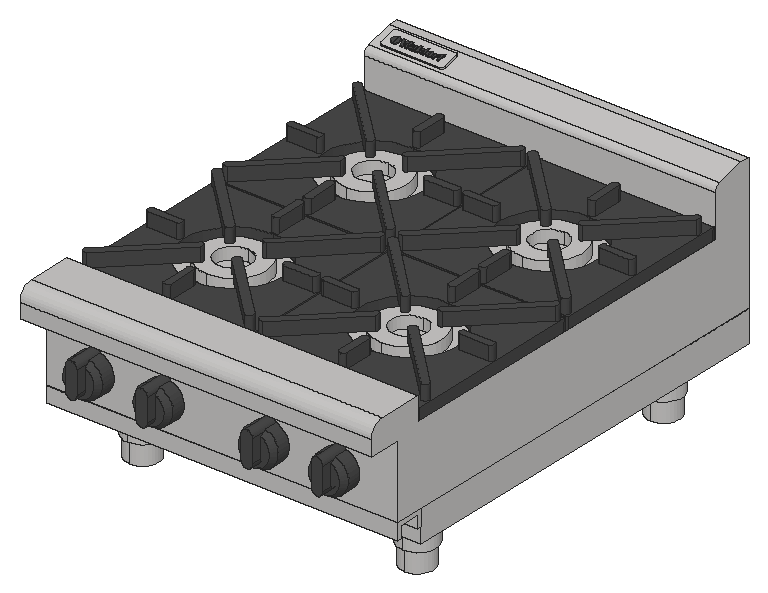
Revit family "QF_MOFFAT WALDORF_RNL8400G-B", category Specialty Equipment, Revit 2012
Parameters
  Weight in Pounds = 176.3696
  URL Cutsheet = "www.moffat.com"
  URL = "www.moffat.com"
  Type Mark [instance] = ""
  Status [instance] = ""
  Specification by User [instance] = ""
  Specification by Manufacturer = ""
  Show Logo [instance] = yes
  Serial Number = ""
  Seismic Rating = ""
  SMACNA No = ""
  Revision Code [instance] = ""
  Omniclass Number and Title = ""
  NAFEM Spec ID Number = ""
  Model = "RNL8400G-B"
  Mechanical Remarks [instance] = ""
  Mechanical Connection Type [instance] = ""
  Masterspec = ""
  Manufacturer = "MOFFAT WALDORF"
  Item Number [instance] = ""
  Installed By [instance] = ""
  Identify Quantity as Lot [instance] = yes
  Gas Size = 3/4"
  Gas RI Height [instance] = 0 mm
  Gas KW [instance] = 31
  Gas Input [instance] = 106156.0 Btu/h
  Gas Connection Height = 0 mm
  Furnished By [instance] = ""
  Foodservice Equipment Identifier [instance] = yes
  Description = "COOK TOP LOW SPLASHBACK GAS BENCH MOUNT"
  CSI MasterFormat = ""
  CSI Master Format = ""
Reference planes
  plane 1 "BACK": y = 0
  plane 2: z = 0
  plane 3 "LEFT": x = 0
  plane 4 "RIGHT": x = 600
  plane 5 "FRONT": y = -805
  plane 6 "TOP": z = 370
  plane 7 "Center Y": x = 300
  plane 8 "Center X": y = -402.5
  plane 9: x = 65
  plane 10: x = 65.8
  plane 11: x = 535
  plane 12 "Base Height": z = 85
Forms (mm)
  Extrusion 1, solid, material "QF_Finishes_Stainless Steel"
    sketch origin (0, 0, 0) x (0, 1, 0) y (0, 0, 1)
      loop
        line (-805, 291) -> (-805, 266) -> (-749, 266) -> (-749, 140) -> (0, 140) -> (0, 370) -> (-16.5, 370) -> (-61.106, 358.048)
        arc (-61.106, 358.048) -> (-67.52, 353.762) -> (-70, 346.457) r 12
        line (-70, 346.457) -> (-70, 275) -> (-705, 275) -> (-705, 315) -> (-781, 315)
        arc (-781, 315) -> (-797.971, 307.971) -> (-805, 291) r 24
      loop
        line (0, 85) -> (0, 139.206) -> (-699, 139.206) -> (-699, 85) -> (0, 85)
      loop
        line (-749, 139.206) -> (-749, 112.019) -> (-742.6, 112.019) -> (-742.6, 132.806) -> (-706.4, 132.806) -> (-706.4, 112.019) -> (-700, 112.019) -> (-700, 139.206) -> (-749, 139.206)
    from 0 to 600
  Revolve 2, solid, material "QF_Finishes_Stainless Steel"
    sketch origin (535, -210, 0) x (0, 1, 0) y (0, 0, -1)
      loop
        line (78.25, -85) -> (110, -85) -> (110, 0) -> (82.5, 0) -> (82.5, -35) -> (78.25, -35) -> (78.25, -85)
      axis (110, -85) -> (110, 0)
    angle from 0 to 360
  Revolve 3, solid, material "QF_Finishes_Stainless Steel"
    sketch origin (65, -210, 0) x (0, 1, 0) y (0, 0, 1)
      loop
        line (78.25, 85) -> (78.25, 35) -> (82.5, 35) -> (82.5, 0) -> (110, 0) -> (110, 85) -> (78.25, 85)
      axis (110, 85) -> (110, 0)
    angle from 0 to 360
  Revolve 4, solid, material "QF_Finishes_Black"
    sketch origin (210, 0, 0) x (0, -1, 0) y (0, 0, 1)
      loop
        line (782, 229.605) -> (759, 229.605) -> (759, 202.105) -> (749, 202.105) -> (749, 197.105) -> (793, 197.105) -> (793, 223.757) -> (782, 229.605)
      axis (793, 197.105) -> (749, 197.105)
    angle from 0 to 360
  Extrusion 5, solid, material "QF_Finishes_Black"
    sketch origin (71.569, 0, -103.997) x (1, 0, 0) y (0, 0, 1)
      loop
        line (148.431, 289) -> (148.431, 327.997)
        arc (148.431, 327.997) -> (138.431, 337.997) -> (128.431, 327.997) r 10
        line (128.431, 327.997) -> (128.431, 289)
        arc (128.431, 289) -> (138.431, 279) -> (148.431, 289) r 10
    from 759 to 808
  Extrusion 6, solid, material "QF_Finishes_Stainless Steel"
    sketch origin (405.687, 3, -500) x (1, 0, 0) y (0, 1, 0)
      loop
        circle (65, -35) r 13.5
    from 555 to 585
  Revolve 7, solid, material "QF_Finishes_Black"
    sketch origin (89.999, 0, -0.127) x (0, 1, 0) y (0, 0, -1)
      loop
        line (-782, -229.5) -> (-759, -229.5) -> (-759, -202) -> (-749, -202) -> (-749, -197) -> (-793, -197) -> (-793, -223.651) -> (-782, -229.5)
      axis (-793, -197) -> (-749, -197)
    angle from 0 to 360
  Extrusion 8, solid, material "QF_Finishes_Black"
    sketch origin (228.269, 0, 0.031) x (-1, 0, 0) y (0, 0, -1)
      loop
        arc (148.269, -184.969) -> (138.269, -174.969) -> (128.269, -184.969) r 10
        line (128.269, -184.969) -> (128.269, -223.969)
        arc (128.269, -223.969) -> (138.269, -233.969) -> (148.269, -223.969) r 10
        line (148.269, -223.969) -> (148.269, -184.969)
    from 759 to 808
  Extrusion 9, solid, material "QF_Finishes_Black"
    sketch origin (0, -70, 275) x (0, -1, 0) y (1, 0, 0)
      loop
        line (316, 4) -> (316, 296)
        arc (316, 296) -> (315.121, 298.121) -> (313, 299) r 3
        line (313, 299) -> (4, 299)
        arc (4, 299) -> (1.879, 298.121) -> (1, 296) r 3
        line (1, 296) -> (1, 4)
        arc (1, 4) -> (1.879, 1.879) -> (4, 1) r 3
        line (4, 1) -> (313, 1)
        arc (313, 1) -> (315.121, 1.879) -> (316, 4) r 3
      loop
        arc (316, 596) -> (315.121, 598.121) -> (313, 599) r 3
        line (313, 599) -> (4, 599)
        arc (4, 599) -> (1.879, 598.121) -> (1, 596) r 3
        line (1, 596) -> (1, 304)
        arc (1, 304) -> (1.879, 301.879) -> (4, 301) r 3
        line (4, 301) -> (313, 301)
        arc (313, 301) -> (315.121, 301.879) -> (316, 304) r 3
        line (316, 304) -> (316, 596)
      loop
        line (322, 1) -> (631, 1)
        arc (631, 1) -> (633.121, 1.879) -> (634, 4) r 3
        line (634, 4) -> (634, 296)
        arc (634, 296) -> (633.121, 298.121) -> (631, 299) r 3
        line (631, 299) -> (322, 299)
        arc (322, 299) -> (319.879, 298.121) -> (319, 296) r 3
        line (319, 296) -> (319, 4)
        arc (319, 4) -> (319.879, 1.879) -> (322, 1) r 3
      loop
        line (319, 596) -> (319, 304)
        arc (319, 304) -> (319.879, 301.879) -> (322, 301) r 3
        line (322, 301) -> (631, 301)
        arc (631, 301) -> (633.121, 301.879) -> (634, 304) r 3
        line (634, 304) -> (634, 596)
        arc (634, 596) -> (633.121, 598.121) -> (631, 599) r 3
        line (631, 599) -> (322, 599)
        arc (322, 599) -> (319.879, 598.121) -> (319, 596) r 3
      loop
        circle (167.5, 150) r 84.082
      loop
        circle (467.5, 150) r 84.082
      loop
        circle (467.5, 450) r 84.082
      loop
        circle (167.5, 450) r 84.082
    from 0 to 19.5
  Extrusion 10, solid, material "QF_Finishes_Black"
    sketch origin (0, -70, 294.5) x (0, -1, 0) y (1, 0, 0)
      loop
        spline (323.602, 15.153) -> (322.681, 13.924) -> (322.131, 12.47) -> (321.99, 10.89) -> (322.267, 9.292) -> (322.943, 7.786) -> (323.973, 6.473) -> (325.286, 5.443) -> (326.792, 4.767) -> (328.39, 4.49) -> (329.97, 4.631) -> (331.424, 5.181) -> (332.653, 6.102)
        line (332.653, 6.102) -> (440.576, 114.025)
        spline (440.576, 114.025) -> (441.337, 115.095) -> (441.738, 116.399) -> (441.751, 117.851) -> (441.375, 119.35) -> (440.637, 120.795) -> (439.586, 122.086) -> (438.295, 123.137) -> (436.85, 123.875) -> (435.351, 124.251) -> (433.899, 124.238) -> (432.595, 123.837) -> (431.525, 123.076)
        line (431.525, 123.076) -> (323.602, 15.153)
      loop
        spline (326.398, 156.4) -> (325.104, 156.182) -> (323.898, 155.543) -> (322.862, 154.525) -> (322.068, 153.2) -> (321.568, 151.656) -> (321.398, 150) -> (321.568, 148.344) -> (322.068, 146.8) -> (322.862, 145.475) -> (323.898, 144.457) -> (325.104, 143.818) -> (326.398, 143.6)
        line (326.398, 143.6) -> (375.602, 143.6)
        spline (375.602, 143.6) -> (376.896, 143.818) -> (378.102, 144.457) -> (379.138, 145.475) -> (379.932, 146.8) -> (380.432, 148.344) -> (380.602, 150) -> (380.432, 151.656) -> (379.932, 153.2) -> (379.138, 154.525) -> (378.102, 155.543) -> (376.896, 156.182) -> (375.602, 156.4)
        line (375.602, 156.4) -> (326.398, 156.4)
      loop
        spline (608.602, 143.6) -> (609.896, 143.818) -> (611.102, 144.457) -> (612.138, 145.475) -> (612.932, 146.8) -> (613.432, 148.344) -> (613.602, 150) -> (613.432, 151.656) -> (612.932, 153.2) -> (612.138, 154.525) -> (611.102, 155.543) -> (609.896, 156.182) -> (608.602, 156.4)
        line (608.602, 156.4) -> (559.398, 156.4)
        spline (559.398, 156.4) -> (558.104, 156.182) -> (556.898, 155.543) -> (555.862, 154.525) -> (555.068, 153.2) -> (554.568, 151.656) -> (554.398, 150) -> (554.568, 148.344) -> (555.068, 146.8) -> (555.862, 145.475) -> (556.898, 144.457) -> (558.104, 143.818) -> (559.398, 143.6)
        line (559.398, 143.6) -> (608.602, 143.6)
      loop
        line (611.398, 15.153) -> (503.475, 123.076)
        spline (503.475, 123.076) -> (502.405, 123.837) -> (501.101, 124.238) -> (499.649, 124.251) -> (498.15, 123.875) -> (496.705, 123.137) -> (495.414, 122.086) -> (494.363, 120.795) -> (493.625, 119.35) -> (493.249, 117.851) -> (493.262, 116.399) -> (493.663, 115.095) -> (494.424, 114.025)
        line (494.424, 114.025) -> (602.347, 6.102)
        spline (602.347, 6.102) -> (603.416, 5.341) -> (604.721, 4.941) -> (606.172, 4.928) -> (607.671, 5.303) -> (609.116, 6.041) -> (610.408, 7.092) -> (611.459, 8.384) -> (612.197, 9.829) -> (612.572, 11.328) -> (612.559, 12.779) -> (612.159, 14.084) -> (611.398, 15.153)
      loop
        line (473.9, 8.898) -> (473.9, 58.102)
        spline (473.9, 58.102) -> (473.682, 59.396) -> (473.043, 60.602) -> (472.025, 61.638) -> (470.7, 62.432) -> (469.156, 62.932) -> (467.5, 63.102) -> (465.844, 62.932) -> (464.3, 62.432) -> (462.975, 61.638) -> (461.957, 60.602) -> (461.318, 59.396) -> (461.1, 58.102)
        line (461.1, 58.102) -> (461.1, 8.898)
        spline (461.1, 8.898) -> (461.318, 7.604) -> (461.957, 6.398) -> (462.975, 5.362) -> (464.3, 4.568) -> (465.844, 4.068) -> (467.5, 3.898) -> (469.156, 4.068) -> (470.7, 4.568) -> (472.025, 5.362) -> (473.043, 6.398) -> (473.682, 7.604) -> (473.9, 8.898)
      loop
        spline (23.602, 15.153) -> (22.681, 13.924) -> (22.131, 12.47) -> (21.99, 10.89) -> (22.267, 9.292) -> (22.943, 7.786) -> (23.973, 6.473) -> (25.286, 5.443) -> (26.792, 4.767) -> (28.39, 4.49) -> (29.97, 4.631) -> (31.424, 5.181) -> (32.653, 6.102)
        line (32.653, 6.102) -> (140.576, 114.025)
        spline (140.576, 114.025) -> (141.337, 115.095) -> (141.738, 116.399) -> (141.751, 117.851) -> (141.375, 119.35) -> (140.637, 120.795) -> (139.586, 122.086) -> (138.295, 123.137) -> (136.85, 123.875) -> (135.351, 124.251) -> (133.899, 124.238) -> (132.595, 123.837) -> (131.525, 123.076)
        line (131.525, 123.076) -> (23.602, 15.153)
      loop
        spline (26.398, 156.4) -> (25.104, 156.182) -> (23.898, 155.543) -> (22.862, 154.525) -> (22.068, 153.2) -> (21.568, 151.656) -> (21.398, 150) -> (21.568, 148.344) -> (22.068, 146.8) -> (22.862, 145.475) -> (23.898, 144.457) -> (25.104, 143.818) -> (26.398, 143.6)
        line (26.398, 143.6) -> (75.602, 143.6)
        spline (75.602, 143.6) -> (76.896, 143.818) -> (78.102, 144.457) -> (79.138, 145.475) -> (79.932, 146.8) -> (80.432, 148.344) -> (80.602, 150) -> (80.432, 151.656) -> (79.932, 153.2) -> (79.138, 154.525) -> (78.102, 155.543) -> (76.896, 156.182) -> (75.602, 156.4)
        line (75.602, 156.4) -> (26.398, 156.4)
      loop
        spline (308.602, 143.6) -> (309.896, 143.818) -> (311.102, 144.457) -> (312.138, 145.475) -> (312.932, 146.8) -> (313.432, 148.344) -> (313.602, 150) -> (313.432, 151.656) -> (312.932, 153.2) -> (312.138, 154.525) -> (311.102, 155.543) -> (309.896, 156.182) -> (308.602, 156.4)
        line (308.602, 156.4) -> (259.398, 156.4)
        spline (259.398, 156.4) -> (258.104, 156.182) -> (256.898, 155.543) -> (255.862, 154.525) -> (255.068, 153.2) -> (254.568, 151.656) -> (254.398, 150) -> (254.568, 148.344) -> (255.068, 146.8) -> (255.862, 145.475) -> (256.898, 144.457) -> (258.104, 143.818) -> (259.398, 143.6)
        line (259.398, 143.6) -> (308.602, 143.6)
      loop
        line (311.398, 15.153) -> (203.475, 123.076)
        spline (203.475, 123.076) -> (202.405, 123.837) -> (201.101, 124.238) -> (199.649, 124.251) -> (198.15, 123.875) -> (196.705, 123.137) -> (195.414, 122.086) -> (194.363, 120.795) -> (193.625, 119.35) -> (193.249, 117.851) -> (193.262, 116.399) -> (193.663, 115.095) -> (194.424, 114.025)
        line (194.424, 114.025) -> (302.347, 6.102)
        spline (302.347, 6.102) -> (303.416, 5.341) -> (304.721, 4.941) -> (306.172, 4.928) -> (307.671, 5.303) -> (309.116, 6.041) -> (310.408, 7.092) -> (311.459, 8.384) -> (312.197, 9.829) -> (312.572, 11.328) -> (312.559, 12.779) -> (312.159, 14.084) -> (311.398, 15.153)
      loop
        line (173.9, 8.898) -> (173.9, 58.102)
        spline (173.9, 58.102) -> (173.682, 59.396) -> (173.043, 60.602) -> (172.025, 61.638) -> (170.7, 62.432) -> (169.156, 62.932) -> (167.5, 63.102) -> (165.844, 62.932) -> (164.3, 62.432) -> (162.975, 61.638) -> (161.957, 60.602) -> (161.318, 59.396) -> (161.1, 58.102)
        line (161.1, 58.102) -> (161.1, 8.898)
        spline (161.1, 8.898) -> (161.318, 7.604) -> (161.957, 6.398) -> (162.975, 5.362) -> (164.3, 4.568) -> (165.844, 4.068) -> (167.5, 3.898) -> (169.156, 4.068) -> (170.7, 4.568) -> (172.025, 5.362) -> (173.043, 6.398) -> (173.682, 7.604) -> (173.9, 8.898)
      loop
        line (323.602, 284.847) -> (431.525, 176.924)
        spline (431.525, 176.924) -> (432.595, 176.163) -> (433.899, 175.762) -> (435.351, 175.749) -> (436.85, 176.125) -> (438.295, 176.863) -> (439.586, 177.914) -> (440.637, 179.205) -> (441.375, 180.65) -> (441.751, 182.149) -> (441.738, 183.601) -> (441.337, 184.905) -> (440.576, 185.975)
        line (440.576, 185.975) -> (332.653, 293.898)
        spline (332.653, 293.898) -> (331.424, 294.819) -> (329.97, 295.369) -> (328.39, 295.51) -> (326.792, 295.233) -> (325.286, 294.557) -> (323.973, 293.527) -> (322.943, 292.214) -> (322.267, 290.708) -> (321.99, 289.11) -> (322.131, 287.53) -> (322.681, 286.076) -> (323.602, 284.847)
      loop
        spline (611.398, 284.847) -> (612.159, 285.916) -> (612.559, 287.221) -> (612.572, 288.672) -> (612.197, 290.171) -> (611.459, 291.616) -> (610.408, 292.908) -> (609.116, 293.959) -> (607.671, 294.697) -> (606.172, 295.072) -> (604.721, 295.059) -> (603.416, 294.659) -> (602.347, 293.898)
        line (602.347, 293.898) -> (494.424, 185.975)
        spline (494.424, 185.975) -> (493.663, 184.905) -> (493.262, 183.601) -> (493.249, 182.149) -> (493.625, 180.65) -> (494.363, 179.205) -> (495.414, 177.914) -> (496.705, 176.863) -> (498.15, 176.125) -> (499.649, 175.749) -> (501.101, 175.762) -> (502.405, 176.163) -> (503.475, 176.924)
        line (503.475, 176.924) -> (611.398, 284.847)
      loop
        spline (473.9, 291.102) -> (473.682, 292.396) -> (473.043, 293.602) -> (472.025, 294.638) -> (470.7, 295.432) -> (469.156, 295.932) -> (467.5, 296.102) -> (465.844, 295.932) -> (464.3, 295.432) -> (462.975, 294.638) -> (461.957, 293.602) -> (461.318, 292.396) -> (461.1, 291.102)
        line (461.1, 291.102) -> (461.1, 241.898)
        spline (461.1, 241.898) -> (461.318, 240.604) -> (461.957, 239.398) -> (462.975, 238.362) -> (464.3, 237.568) -> (465.844, 237.068) -> (467.5, 236.898) -> (469.156, 237.068) -> (470.7, 237.568) -> (472.025, 238.362) -> (473.043, 239.398) -> (473.682, 240.604) -> (473.9, 241.898)
        line (473.9, 241.898) -> (473.9, 291.102)
      loop
        line (23.602, 284.847) -> (131.525, 176.924)
        spline (131.525, 176.924) -> (132.595, 176.163) -> (133.899, 175.762) -> (135.351, 175.749) -> (136.85, 176.125) -> (138.295, 176.863) -> (139.586, 177.914) -> (140.637, 179.205) -> (141.375, 180.65) -> (141.751, 182.149) -> (141.738, 183.601) -> (141.337, 184.905) -> (140.576, 185.975)
        line (140.576, 185.975) -> (32.653, 293.898)
        spline (32.653, 293.898) -> (31.424, 294.819) -> (29.97, 295.369) -> (28.39, 295.51) -> (26.792, 295.233) -> (25.286, 294.557) -> (23.973, 293.527) -> (22.943, 292.214) -> (22.267, 290.708) -> (21.99, 289.11) -> (22.131, 287.53) -> (22.681, 286.076) -> (23.602, 284.847)
      loop
        spline (311.398, 284.847) -> (312.159, 285.916) -> (312.559, 287.221) -> (312.572, 288.672) -> (312.197, 290.171) -> (311.459, 291.616) -> (310.408, 292.908) -> (309.116, 293.959) -> (307.671, 294.697) -> (306.172, 295.072) -> (304.721, 295.059) -> (303.416, 294.659) -> (302.347, 293.898)
        line (302.347, 293.898) -> (194.424, 185.975)
        spline (194.424, 185.975) -> (193.663, 184.905) -> (193.262, 183.601) -> (193.249, 182.149) -> (193.625, 180.65) -> (194.363, 179.205) -> (195.414, 177.914) -> (196.705, 176.863) -> (198.15, 176.125) -> (199.649, 175.749) -> (201.101, 175.762) -> (202.405, 176.163) -> (203.475, 176.924)
        line (203.475, 176.924) -> (311.398, 284.847)
      loop
        spline (173.9, 291.102) -> (173.682, 292.396) -> (173.043, 293.602) -> (172.025, 294.638) -> (170.7, 295.432) -> (169.156, 295.932) -> (167.5, 296.102) -> (165.844, 295.932) -> (164.3, 295.432) -> (162.975, 294.638) -> (161.957, 293.602) -> (161.318, 292.396) -> (161.1, 291.102)
        line (161.1, 291.102) -> (161.1, 241.898)
        spline (161.1, 241.898) -> (161.318, 240.604) -> (161.957, 239.398) -> (162.975, 238.362) -> (164.3, 237.568) -> (165.844, 237.068) -> (167.5, 236.898) -> (169.156, 237.068) -> (170.7, 237.568) -> (172.025, 238.362) -> (173.043, 239.398) -> (173.682, 240.604) -> (173.9, 241.898)
        line (173.9, 241.898) -> (173.9, 291.102)
      loop
        line (323.602, 584.847) -> (431.525, 476.924)
        spline (431.525, 476.924) -> (432.595, 476.163) -> (433.899, 475.762) -> (435.351, 475.749) -> (436.85, 476.125) -> (438.295, 476.863) -> (439.586, 477.914) -> (440.637, 479.205) -> (441.375, 480.65) -> (441.751, 482.149) -> (441.738, 483.601) -> (441.337, 484.905) -> (440.576, 485.975)
        line (440.576, 485.975) -> (332.653, 593.898)
        spline (332.653, 593.898) -> (331.424, 594.819) -> (329.97, 595.369) -> (328.39, 595.51) -> (326.792, 595.233) -> (325.286, 594.557) -> (323.973, 593.527) -> (322.943, 592.214) -> (322.267, 590.708) -> (321.99, 589.11) -> (322.131, 587.53) -> (322.681, 586.076) -> (323.602, 584.847)
      loop
        line (326.398, 443.6) -> (375.602, 443.6)
        spline (375.602, 443.6) -> (376.896, 443.818) -> (378.102, 444.457) -> (379.138, 445.475) -> (379.932, 446.8) -> (380.432, 448.344) -> (380.602, 450) -> (380.432, 451.656) -> (379.932, 453.2) -> (379.138, 454.525) -> (378.102, 455.543) -> (376.896, 456.182) -> (375.602, 456.4)
        line (375.602, 456.4) -> (326.398, 456.4)
        spline (326.398, 456.4) -> (325.104, 456.182) -> (323.898, 455.543) -> (322.862, 454.525) -> (322.068, 453.2) -> (321.568, 451.656) -> (321.398, 450) -> (321.568, 448.344) -> (322.068, 446.8) -> (322.862, 445.475) -> (323.898, 444.457) -> (325.104, 443.818) -> (326.398, 443.6)
      loop
        line (608.602, 456.4) -> (559.398, 456.4)
        spline (559.398, 456.4) -> (558.104, 456.182) -> (556.898, 455.543) -> (555.862, 454.525) -> (555.068, 453.2) -> (554.568, 451.656) -> (554.398, 450) -> (554.568, 448.344) -> (555.068, 446.8) -> (555.862, 445.475) -> (556.898, 444.457) -> (558.104, 443.818) -> (559.398, 443.6)
        line (559.398, 443.6) -> (608.602, 443.6)
        spline (608.602, 443.6) -> (609.896, 443.818) -> (611.102, 444.457) -> (612.138, 445.475) -> (612.932, 446.8) -> (613.432, 448.344) -> (613.602, 450) -> (613.432, 451.656) -> (612.932, 453.2) -> (612.138, 454.525) -> (611.102, 455.543) -> (609.896, 456.182) -> (608.602, 456.4)
      loop
        spline (611.398, 584.847) -> (612.159, 585.916) -> (612.559, 587.221) -> (612.572, 588.672) -> (612.197, 590.171) -> (611.459, 591.616) -> (610.408, 592.908) -> (609.116, 593.959) -> (607.671, 594.697) -> (606.172, 595.072) -> (604.721, 595.059) -> (603.416, 594.659) -> (602.347, 593.898)
        line (602.347, 593.898) -> (494.424, 485.975)
        spline (494.424, 485.975) -> (493.663, 484.905) -> (493.262, 483.601) -> (493.249, 482.149) -> (493.625, 480.65) -> (494.363, 479.205) -> (495.414, 477.914) -> (496.705, 476.863) -> (498.15, 476.125) -> (499.649, 475.749) -> (501.101, 475.762) -> (502.405, 476.163) -> (503.475, 476.924)
        line (503.475, 476.924) -> (611.398, 584.847)
      loop
        spline (473.9, 591.102) -> (473.682, 592.396) -> (473.043, 593.602) -> (472.025, 594.638) -> (470.7, 595.432) -> (469.156, 595.932) -> (467.5, 596.102) -> (465.844, 595.932) -> (464.3, 595.432) -> (462.975, 594.638) -> (461.957, 593.602) -> (461.318, 592.396) -> (461.1, 591.102)
        line (461.1, 591.102) -> (461.1, 541.898)
        spline (461.1, 541.898) -> (461.318, 540.604) -> (461.957, 539.398) -> (462.975, 538.362) -> (464.3, 537.568) -> (465.844, 537.068) -> (467.5, 536.898) -> (469.156, 537.068) -> (470.7, 537.568) -> (472.025, 538.362) -> (473.043, 539.398) -> (473.682, 540.604) -> (473.9, 541.898)
        line (473.9, 541.898) -> (473.9, 591.102)
      loop
        line (23.602, 584.847) -> (131.525, 476.924)
        spline (131.525, 476.924) -> (132.595, 476.163) -> (133.899, 475.762) -> (135.351, 475.749) -> (136.85, 476.125) -> (138.295, 476.863) -> (139.586, 477.914) -> (140.637, 479.205) -> (141.375, 480.65) -> (141.751, 482.149) -> (141.738, 483.601) -> (141.337, 484.905) -> (140.576, 485.975)
        line (140.576, 485.975) -> (32.653, 593.898)
        spline (32.653, 593.898) -> (31.424, 594.819) -> (29.97, 595.369) -> (28.39, 595.51) -> (26.792, 595.233) -> (25.286, 594.557) -> (23.973, 593.527) -> (22.943, 592.214) -> (22.267, 590.708) -> (21.99, 589.11) -> (22.131, 587.53) -> (22.681, 586.076) -> (23.602, 584.847)
      loop
        line (26.398, 443.6) -> (75.602, 443.6)
        spline (75.602, 443.6) -> (76.896, 443.818) -> (78.102, 444.457) -> (79.138, 445.475) -> (79.932, 446.8) -> (80.432, 448.344) -> (80.602, 450) -> (80.432, 451.656) -> (79.932, 453.2) -> (79.138, 454.525) -> (78.102, 455.543) -> (76.896, 456.182) -> (75.602, 456.4)
        line (75.602, 456.4) -> (26.398, 456.4)
        spline (26.398, 456.4) -> (25.104, 456.182) -> (23.898, 455.543) -> (22.862, 454.525) -> (22.068, 453.2) -> (21.568, 451.656) -> (21.398, 450) -> (21.568, 448.344) -> (22.068, 446.8) -> (22.862, 445.475) -> (23.898, 444.457) -> (25.104, 443.818) -> (26.398, 443.6)
      loop
        line (308.602, 456.4) -> (259.398, 456.4)
        spline (259.398, 456.4) -> (258.104, 456.182) -> (256.898, 455.543) -> (255.862, 454.525) -> (255.068, 453.2) -> (254.568, 451.656) -> (254.398, 450) -> (254.568, 448.344) -> (255.068, 446.8) -> (255.862, 445.475) -> (256.898, 444.457) -> (258.104, 443.818) -> (259.398, 443.6)
        line (259.398, 443.6) -> (308.602, 443.6)
        spline (308.602, 443.6) -> (309.896, 443.818) -> (311.102, 444.457) -> (312.138, 445.475) -> (312.932, 446.8) -> (313.432, 448.344) -> (313.602, 450) -> (313.432, 451.656) -> (312.932, 453.2) -> (312.138, 454.525) -> (311.102, 455.543) -> (309.896, 456.182) -> (308.602, 456.4)
      loop
        spline (311.398, 584.847) -> (312.159, 585.916) -> (312.559, 587.221) -> (312.572, 588.672) -> (312.197, 590.171) -> (311.459, 591.616) -> (310.408, 592.908) -> (309.116, 593.959) -> (307.671, 594.697) -> (306.172, 595.072) -> (304.721, 595.059) -> (303.416, 594.659) -> (302.347, 593.898)
        line (302.347, 593.898) -> (194.424, 485.975)
        spline (194.424, 485.975) -> (193.663, 484.905) -> (193.262, 483.601) -> (193.249, 482.149) -> (193.625, 480.65) -> (194.363, 479.205) -> (195.414, 477.914) -> (196.705, 476.863) -> (198.15, 476.125) -> (199.649, 475.749) -> (201.101, 475.762) -> (202.405, 476.163) -> (203.475, 476.924)
        line (203.475, 476.924) -> (311.398, 584.847)
      loop
        spline (173.9, 591.102) -> (173.682, 592.396) -> (173.043, 593.602) -> (172.025, 594.638) -> (170.7, 595.432) -> (169.156, 595.932) -> (167.5, 596.102) -> (165.844, 595.932) -> (164.3, 595.432) -> (162.975, 594.638) -> (161.957, 593.602) -> (161.318, 592.396) -> (161.1, 591.102)
        line (161.1, 591.102) -> (161.1, 541.898)
        spline (161.1, 541.898) -> (161.318, 540.604) -> (161.957, 539.398) -> (162.975, 538.362) -> (164.3, 537.568) -> (165.844, 537.068) -> (167.5, 536.898) -> (169.156, 537.068) -> (170.7, 537.568) -> (172.025, 538.362) -> (173.043, 539.398) -> (173.682, 540.604) -> (173.9, 541.898)
        line (173.9, 541.898) -> (173.9, 591.102)
      loop
        spline (323.602, 315.153) -> (322.681, 313.924) -> (322.131, 312.47) -> (321.99, 310.89) -> (322.267, 309.292) -> (322.943, 307.786) -> (323.973, 306.473) -> (325.286, 305.443) -> (326.792, 304.767) -> (328.39, 304.49) -> (329.97, 304.631) -> (331.424, 305.181) -> (332.653, 306.102)
        line (332.653, 306.102) -> (440.576, 414.025)
        spline (440.576, 414.025) -> (441.337, 415.095) -> (441.738, 416.399) -> (441.751, 417.851) -> (441.375, 419.35) -> (440.637, 420.795) -> (439.586, 422.086) -> (438.295, 423.137) -> (436.85, 423.875) -> (435.351, 424.251) -> (433.899, 424.238) -> (432.595, 423.837) -> (431.525, 423.076)
        line (431.525, 423.076) -> (323.602, 315.153)
      loop
        line (611.398, 315.153) -> (503.475, 423.076)
        spline (503.475, 423.076) -> (502.405, 423.837) -> (501.101, 424.238) -> (499.649, 424.251) -> (498.15, 423.875) -> (496.705, 423.137) -> (495.414, 422.086) -> (494.363, 420.795) -> (493.625, 419.35) -> (493.249, 417.851) -> (493.262, 416.399) -> (493.663, 415.095) -> (494.424, 414.025)
        line (494.424, 414.025) -> (602.347, 306.102)
        spline (602.347, 306.102) -> (603.416, 305.341) -> (604.721, 304.941) -> (606.172, 304.928) -> (607.671, 305.303) -> (609.116, 306.041) -> (610.408, 307.092) -> (611.459, 308.384) -> (612.197, 309.829) -> (612.572, 311.328) -> (612.559, 312.779) -> (612.159, 314.084) -> (611.398, 315.153)
      loop
        line (473.9, 308.898) -> (473.9, 358.102)
        spline (473.9, 358.102) -> (473.682, 359.396) -> (473.043, 360.602) -> (472.025, 361.638) -> (470.7, 362.432) -> (469.156, 362.932) -> (467.5, 363.102) -> (465.844, 362.932) -> (464.3, 362.432) -> (462.975, 361.638) -> (461.957, 360.602) -> (461.318, 359.396) -> (461.1, 358.102)
        line (461.1, 358.102) -> (461.1, 308.898)
        spline (461.1, 308.898) -> (461.318, 307.604) -> (461.957, 306.398) -> (462.975, 305.362) -> (464.3, 304.568) -> (465.844, 304.068) -> (467.5, 303.898) -> (469.156, 304.068) -> (470.7, 304.568) -> (472.025, 305.362) -> (473.043, 306.398) -> (473.682, 307.604) -> (473.9, 308.898)
      loop
        spline (23.602, 315.153) -> (22.681, 313.924) -> (22.131, 312.47) -> (21.99, 310.89) -> (22.267, 309.292) -> (22.943, 307.786) -> (23.973, 306.473) -> (25.286, 305.443) -> (26.792, 304.767) -> (28.39, 304.49) -> (29.97, 304.631) -> (31.424, 305.181) -> (32.653, 306.102)
        line (32.653, 306.102) -> (140.576, 414.025)
        spline (140.576, 414.025) -> (141.337, 415.095) -> (141.738, 416.399) -> (141.751, 417.851) -> (141.375, 419.35) -> (140.637, 420.795) -> (139.586, 422.086) -> (138.295, 423.137) -> (136.85, 423.875) -> (135.351, 424.251) -> (133.899, 424.238) -> (132.595, 423.837) -> (131.525, 423.076)
        line (131.525, 423.076) -> (23.602, 315.153)
      loop
        line (311.398, 315.153) -> (203.475, 423.076)
        spline (203.475, 423.076) -> (202.405, 423.837) -> (201.101, 424.238) -> (199.649, 424.251) -> (198.15, 423.875) -> (196.705, 423.137) -> (195.414, 422.086) -> (194.363, 420.795) -> (193.625, 419.35) -> (193.249, 417.851) -> (193.262, 416.399) -> (193.663, 415.095) -> (194.424, 414.025)
        line (194.424, 414.025) -> (302.347, 306.102)
        spline (302.347, 306.102) -> (303.416, 305.341) -> (304.721, 304.941) -> (306.172, 304.928) -> (307.671, 305.303) -> (309.116, 306.041) -> (310.408, 307.092) -> (311.459, 308.384) -> (312.197, 309.829) -> (312.572, 311.328) -> (312.559, 312.779) -> (312.159, 314.084) -> (311.398, 315.153)
      loop
        line (173.9, 308.898) -> (173.9, 358.102)
        spline (173.9, 358.102) -> (173.682, 359.396) -> (173.043, 360.602) -> (172.025, 361.638) -> (170.7, 362.432) -> (169.156, 362.932) -> (167.5, 363.102) -> (165.844, 362.932) -> (164.3, 362.432) -> (162.975, 361.638) -> (161.957, 360.602) -> (161.318, 359.396) -> (161.1, 358.102)
        line (161.1, 358.102) -> (161.1, 308.898)
        spline (161.1, 308.898) -> (161.318, 307.604) -> (161.957, 306.398) -> (162.975, 305.362) -> (164.3, 304.568) -> (165.844, 304.068) -> (167.5, 303.898) -> (169.156, 304.068) -> (170.7, 304.568) -> (172.025, 305.362) -> (173.043, 306.398) -> (173.682, 307.604) -> (173.9, 308.898)
    from 0 to 23.5
  Revolve 11, solid, material "QF_Finishes_Stainless Steel"
    sketch origin (535, -735, 0) x (0, 1, 0) y (0, 0, -1)
      loop
        line (78.25, -85) -> (110, -85) -> (110, 0) -> (82.5, 0) -> (82.5, -35) -> (78.25, -35) -> (78.25, -85)
      axis (110, -85) -> (110, 0)
    angle from 0 to 360
  Revolve 12, solid, material "QF_Finishes_Stainless Steel"
    sketch origin (65, -735, 0) x (0, 1, 0) y (0, 0, 1)
      loop
        line (78.25, 85) -> (78.25, 35) -> (82.5, 35) -> (82.5, 0) -> (110, 0) -> (110, 85) -> (78.25, 85)
      axis (110, 85) -> (110, 0)
    angle from 0 to 360
  Revolve 13, solid, material "QF_Finishes_Black"
    sketch origin (510, 0, 0) x (0, -1, 0) y (0, 0, 1)
      loop
        line (782, 229.605) -> (759, 229.605) -> (759, 202.105) -> (749, 202.105) -> (749, 197.105) -> (793, 197.105) -> (793, 223.757) -> (782, 229.605)
      axis (793, 197.105) -> (749, 197.105)
    angle from 0 to 360
  Extrusion 14, solid, material "QF_Finishes_Black"
    sketch origin (371.569, 0, -103.997) x (1, 0, 0) y (0, 0, 1)
      loop
        line (148.431, 289) -> (148.431, 327.997)
        arc (148.431, 327.997) -> (138.431, 337.997) -> (128.431, 327.997) r 10
        line (128.431, 327.997) -> (128.431, 289)
        arc (128.431, 289) -> (138.431, 279) -> (148.431, 289) r 10
    from 759 to 808
  Revolve 15, solid, material "QF_Finishes_Black"
    sketch origin (389.999, 0, -0.127) x (0, 1, 0) y (0, 0, -1)
      loop
        line (-782, -229.5) -> (-759, -229.5) -> (-759, -202) -> (-749, -202) -> (-749, -197) -> (-793, -197) -> (-793, -223.651) -> (-782, -229.5)
      axis (-793, -197) -> (-749, -197)
    angle from 0 to 360
  Extrusion 16, solid, material "QF_Finishes_Black"
    sketch origin (528.269, 0, 0.031) x (-1, 0, 0) y (0, 0, -1)
      loop
        arc (148.269, -184.969) -> (138.269, -174.969) -> (128.269, -184.969) r 10
        line (128.269, -184.969) -> (128.269, -223.969)
        arc (128.269, -223.969) -> (138.269, -233.969) -> (148.269, -223.969) r 10
        line (148.269, -223.969) -> (148.269, -184.969)
    from 759 to 808
  Extrusion 17, solid, material "QF_Finishes_Stainless Steel"
    sketch origin (0, -70, 275) x (0, -1, 0) y (1, 0, 0)
      loop
        circle (167.5, 150) r 57
      loop
        circle (167.5, 450) r 57
      loop
        circle (467.5, 450) r 57
      loop
        circle (467.5, 150) r 57
      loop
        circle (167.5, 150) r 30
      loop
        circle (167.5, 450) r 30
      loop
        circle (467.5, 150) r 30
      loop
        circle (467.5, 450) r 30
    from 0 to 20
Cuts and joins
  joined: Revolve 4, Extrusion 5
  joined: Revolve 7, Extrusion 8
Lines and regions (mm)
  Split face 1
    outline origin (22.5, -20.122, 369.029) x (0, -0.965926, -0.258819) y (1, 0, 0)
      loop
        line (1.427, 105.5) -> (35.836, 105.5) -> (35.836, 125.5) -> (1.427, 125.5) -> (1.427, 105.5)
  Split face 2
    outline origin (49.289, -20.122, 369.029) x (0, -0.965926, -0.258819) y (1, 0, 0)
      loop
        line (1.427, 105.5) -> (35.836, 105.5) -> (35.836, 125.5) -> (1.427, 125.5) -> (1.427, 105.5)
  Split face 3
    outline origin (76.967, -20.122, 369.029) x (0, -0.965926, -0.258819) y (1, 0, 0)
      loop
        line (1.427, 105.5) -> (35.836, 105.5) -> (35.836, 125.5) -> (1.427, 125.5) -> (1.427, 105.5)
  Split face 4
    outline origin (103.591, -20.122, 369.029) x (0, -0.965926, -0.258819) y (1, 0, 0)
      loop
        line (1.427, 105.5) -> (35.836, 105.5) -> (35.836, 125.5) -> (1.427, 125.5) -> (1.427, 105.5)
  Split face 5
    outline origin (130.215, -20.122, 369.029) x (0, -0.965926, -0.258819) y (1, 0, 0)
      loop
        line (1.427, 105.5) -> (35.836, 105.5) -> (35.836, 125.5) -> (1.427, 125.5) -> (1.427, 105.5)
  Split face 6
    outline origin (157.366, -20.122, 369.029) x (0, -0.965926, -0.258819) y (1, 0, 0)
      loop
        line (1.427, 105.5) -> (35.836, 105.5) -> (35.836, 125.5) -> (1.427, 125.5) -> (1.427, 105.5)
  Split face 7
    outline origin (184.781, -20.122, 369.029) x (0, -0.965926, -0.258819) y (1, 0, 0)
      loop
        line (1.427, 105.5) -> (35.836, 105.5) -> (35.836, 125.5) -> (1.427, 125.5) -> (1.427, 105.5)
  Split face 8
    outline origin (211.405, -20.122, 369.029) x (0, -0.965926, -0.258819) y (1, 0, 0)
      loop
        line (1.427, 105.5) -> (35.836, 105.5) -> (35.836, 125.5) -> (1.427, 125.5) -> (1.427, 105.5)
  Split face 9
    outline origin (238.292, -20.122, 369.029) x (0, -0.965926, -0.258819) y (1, 0, 0)
      loop
        line (1.427, 105.5) -> (35.836, 105.5) -> (35.836, 125.5) -> (1.427, 125.5) -> (1.427, 105.5)
  Split face 10
    outline origin (265.971, -20.122, 369.029) x (0, -0.965926, -0.258819) y (1, 0, 0)
      loop
        line (1.427, 105.5) -> (35.836, 105.5) -> (35.836, 125.5) -> (1.427, 125.5) -> (1.427, 105.5)
  Split face 11
    outline origin (292.533, -20.122, 369.029) x (0, -0.965926, -0.258819) y (1, 0, 0)
      loop
        line (1.427, 105.5) -> (35.836, 105.5) -> (35.836, 125.5) -> (1.427, 125.5) -> (1.427, 105.5)
  Split face 12
    outline origin (319.444, -20.122, 369.029) x (0, -0.965926, -0.258819) y (1, 0, 0)
      loop
        line (1.427, 105.5) -> (35.836, 105.5) -> (35.836, 125.5) -> (1.427, 125.5) -> (1.427, 105.5)
  Split face 13
    outline origin (346.271, -20.122, 369.029) x (0, -0.965926, -0.258819) y (1, 0, 0)
      loop
        line (1.427, 105.5) -> (35.836, 105.5) -> (35.836, 125.5) -> (1.427, 125.5) -> (1.427, 105.5)
  symbolic lines
    curve 1: line (0, 0, 0) -> (0, -805, 0)
    curve 2: line (600, 0, 0) -> (0, 0, 0)
    curve 3: line (600, -805, 0) -> (600, 0, 0)
    curve 4: line (0, -70, 0) -> (600, -70, 0)
    curve 5: line (0, -805, 0) -> (600, -805, 0)
    curve 10: line (600, -705, 0) -> (0, -705, 0)
    curve 11: line (8.898, -237.5, 0) -> (58.102, -237.5, 0)
    curve 12: line (10.628, -98.128, 0) -> (118.551, -206.051, 0)
    curve 13: line (289.372, -98.128, 0) -> (181.449, -206.051, 0)
    curve 14: line (291.102, -237.5, 0) -> (241.898, -237.5, 0)
    curve 15: line (289.372, -376.872, 0) -> (181.449, -268.949, 0)
    curve 16: line (150, -378.602, 0) -> (150, -329.398, 0)
    curve 17: line (10.628, -376.872, 0) -> (118.551, -268.949, 0)
    curve 18: circle (150, -237.5, 0) r 57 normal (0, 0, -1)
    curve 19: line (150, -396.398, 0) -> (150, -445.602, 0)
    curve 20: line (10.628, -398.128, 0) -> (118.551, -506.051, 0)
    curve 21: line (289.372, -398.128, 0) -> (181.449, -506.051, 0)
    curve 22: line (291.102, -537.5, 0) -> (241.898, -537.5, 0)
    curve 23: line (289.372, -676.872, 0) -> (181.449, -568.949, 0)
    curve 24: line (10.628, -676.872, 0) -> (118.551, -568.949, 0)
    curve 25: line (8.898, -537.5, 0) -> (58.102, -537.5, 0)
    curve 26: line (150, -678.602, 0) -> (150, -629.398, 0)
    curve 27: line (308.898, -537.5, 0) -> (358.102, -537.5, 0)
    curve 28: line (310.628, -398.128, 0) -> (418.551, -506.051, 0)
    curve 29: line (450, -396.398, 0) -> (450, -445.602, 0)
    curve 30: line (589.372, -398.128, 0) -> (481.449, -506.051, 0)
    curve 31: line (591.102, -537.5, 0) -> (541.898, -537.5, 0)
    curve 32: line (589.372, -676.872, 0) -> (481.449, -568.949, 0)
    curve 33: line (310.628, -676.872, 0) -> (418.551, -568.949, 0)
    curve 34: line (450, -678.602, 0) -> (450, -629.398, 0)
    curve 35: line (450, -378.602, 0) -> (450, -329.398, 0)
    curve 36: line (310.628, -376.872, 0) -> (418.551, -268.949, 0)
    curve 37: line (589.372, -376.872, 0) -> (481.449, -268.949, 0)
    curve 38: line (591.102, -237.5, 0) -> (541.898, -237.5, 0)
    curve 39: line (589.372, -98.128, 0) -> (481.449, -206.051, 0)
    curve 40: line (450, -96.398, 0) -> (450, -145.602, 0)
    curve 41: line (310.628, -98.128, 0) -> (418.551, -206.051, 0)
    curve 42: line (308.898, -237.5, 0) -> (358.102, -237.5, 0)
    curve 43: line (0, -387.5, 0) -> (600, -387.5, 0)
    curve 44: line (300, -70, 0) -> (300, -705, 0)
    curve 45: line (128, -50.782, 0) -> (128, -20.984, 0)
    curve 46: line (128, -20.984, 0) -> (148, -20.984, 0)
    curve 47: line (148, -20.984, 0) -> (148, -50.782, 0)
    curve 48: line (148, -50.782, 0) -> (128, -50.782, 0)
    curve 49: line (154.789, -50.782, 0) -> (154.789, -20.984, 0)
    curve 50: line (154.789, -20.984, 0) -> (174.789, -20.984, 0)
    curve 51: line (174.789, -20.984, 0) -> (174.789, -50.782, 0)
    curve 52: line (174.789, -50.782, 0) -> (154.789, -50.782, 0)
    curve 53: line (182.467, -20.984, 0) -> (202.467, -20.984, 0)
    curve 54: line (202.467, -20.984, 0) -> (202.467, -50.782, 0)
    curve 55: line (202.467, -50.782, 0) -> (182.467, -50.782, 0)
    curve 56: line (182.467, -50.782, 0) -> (182.467, -20.984, 0)
    curve 57: line (229.091, -20.984, 0) -> (209.091, -20.984, 0)
    curve 58: line (209.091, -20.984, 0) -> (209.091, -50.782, 0)
    curve 59: line (209.091, -50.782, 0) -> (229.091, -50.782, 0)
    curve 60: line (229.091, -50.782, 0) -> (229.091, -20.984, 0)
    curve 61: line (255.715, -20.984, 0) -> (235.715, -20.984, 0)
    curve 62: line (235.715, -20.984, 0) -> (235.715, -50.782, 0)
    curve 63: line (235.715, -50.782, 0) -> (255.715, -50.782, 0)
    curve 64: line (255.715, -50.782, 0) -> (255.715, -20.984, 0)
    curve 65: line (282.866, -20.984, 0) -> (262.866, -20.984, 0)
    curve 66: line (262.866, -20.984, 0) -> (262.866, -50.782, 0)
    curve 67: line (262.866, -50.782, 0) -> (282.866, -50.782, 0)
    curve 68: line (282.866, -50.782, 0) -> (282.866, -20.984, 0)
    curve 69: line (310.281, -20.984, 0) -> (290.281, -20.984, 0)
    curve 70: line (290.281, -20.984, 0) -> (290.281, -50.782, 0)
    curve 71: line (290.281, -50.782, 0) -> (310.281, -50.782, 0)
    curve 72: line (310.281, -50.782, 0) -> (310.281, -20.984, 0)
    curve 73: line (316.905, -20.984, 0) -> (336.905, -20.984, 0)
    curve 74: line (336.905, -20.984, 0) -> (336.905, -50.782, 0)
    curve 75: line (336.905, -50.782, 0) -> (316.905, -50.782, 0)
    curve 76: line (316.905, -50.782, 0) -> (316.905, -20.984, 0)
    curve 77: line (363.792, -20.984, 0) -> (343.792, -20.984, 0)
    curve 78: line (343.792, -20.984, 0) -> (343.792, -50.782, 0)
    curve 79: line (343.792, -50.782, 0) -> (363.792, -50.782, 0)
    curve 80: line (363.792, -50.782, 0) -> (363.792, -20.984, 0)
    curve 81: line (371.471, -50.782, 0) -> (391.471, -50.782, 0)
    curve 82: line (391.471, -50.782, 0) -> (391.471, -20.984, 0)
    curve 83: line (391.471, -20.984, 0) -> (371.471, -20.984, 0)
    curve 84: line (371.471, -20.984, 0) -> (371.471, -50.782, 0)
    curve 85: line (398.033, -50.782, 0) -> (418.033, -50.782, 0)
    curve 86: line (418.033, -50.782, 0) -> (418.033, -20.984, 0)
    curve 87: line (418.033, -20.984, 0) -> (398.033, -20.984, 0)
    curve 88: line (398.033, -20.984, 0) -> (398.033, -50.782, 0)
    curve 89: line (444.944, -50.782, 0) -> (424.944, -50.782, 0)
    curve 90: line (424.944, -50.782, 0) -> (424.944, -20.984, 0)
    curve 91: line (424.944, -20.984, 0) -> (444.944, -20.984, 0)
    curve 92: line (444.944, -20.984, 0) -> (444.944, -50.782, 0)
    curve 93: line (451.771, -50.782, 0) -> (471.771, -50.782, 0)
    curve 94: line (471.771, -50.782, 0) -> (471.771, -20.984, 0)
    curve 95: line (471.771, -20.984, 0) -> (451.771, -20.984, 0)
    curve 96: line (451.771, -20.984, 0) -> (451.771, -50.782, 0)
    curve 97: line (150, -96.398, 0) -> (150, -145.602, 0)
    curve 98: arc (150, -480.5, 0) -> (93, -537.5, 0) -> (150, -594.5, 0) r 57
    curve 99: arc (150, -594.5, 0) -> (207, -537.5, 0) -> (150, -480.5, 0) r 57
    curve 100: arc (450, -180.5, 0) -> (393, -237.5, 0) -> (450, -294.5, 0) r 57
    curve 101: arc (450, -294.5, 0) -> (507, -237.5, 0) -> (450, -180.5, 0) r 57
    curve 102: arc (450, -480.5, 0) -> (393, -537.5, 0) -> (450, -594.5, 0) r 57
    curve 103: arc (450, -594.5, 0) -> (507, -537.5, 0) -> (450, -480.5, 0) r 57
    curve 104: arc (150, -153.418, 0) -> (234.082, -237.5, 0) -> (150, -321.582, 0) r 84.082
    curve 105: arc (150, -321.582, 0) -> (65.918, -237.5, 0) -> (150, -153.418, 0) r 84.082
    curve 106: arc (450, -321.582, 0) -> (365.918, -237.5, 0) -> (450, -153.418, 0) r 84.082
    curve 107: arc (450, -153.418, 0) -> (534.082, -237.5, 0) -> (450, -321.582, 0) r 84.082
    curve 108: arc (450, -621.582, 0) -> (365.918, -537.5, 0) -> (450, -453.418, 0) r 84.082
    curve 109: arc (450, -453.418, 0) -> (534.082, -537.5, 0) -> (450, -621.582, 0) r 84.082
    curve 110: arc (150, -453.418, 0) -> (234.082, -537.5, 0) -> (150, -621.582, 0) r 84.082
    curve 111: arc (150, -621.582, 0) -> (65.918, -537.5, 0) -> (150, -453.418, 0) r 84.082
    curve 112: arc (150, -207.5, 0) -> (180, -237.5, 0) -> (150, -267.5, 0) r 30
    curve 113: arc (150, -267.5, 0) -> (120, -237.5, 0) -> (150, -207.5, 0) r 30
    curve 114: arc (450, -207.5, 0) -> (480, -237.5, 0) -> (450, -267.5, 0) r 30
    curve 115: arc (450, -267.5, 0) -> (420, -237.5, 0) -> (450, -207.5, 0) r 30
    curve 116: arc (450, -567.5, 0) -> (420, -537.5, 0) -> (450, -507.5, 0) r 30
    curve 117: arc (450, -507.5, 0) -> (480, -537.5, 0) -> (450, -567.5, 0) r 30
    curve 118: arc (150, -507.5, 0) -> (180, -537.5, 0) -> (150, -567.5, 0) r 30
    curve 119: arc (150, -567.5, 0) -> (120, -537.5, 0) -> (150, -507.5, 0) r 30
  symbolic lines, visible <- "Show Logo"
    curve 6: line (12.5, -51.234, 0) -> (12.5, -20.958, 0)
    curve 7: line (12.5, -20.958, 0) -> (121.5, -20.958, 0)
    curve 8: line (12.5, -51.234, 0) -> (121.5, -51.234, 0)
    curve 9: line (121.5, -20.958, 0) -> (121.5, -51.234, 0)
Dimensions and locks
  equal spacing: plane 3 "LEFT", plane 7 "Center Y", plane 4 "RIGHT"
  plane 3 "LEFT" to plane 4 "RIGHT" = 600 mm
  equal spacing: plane 5 "FRONT", plane 8 "Center X", plane 1 "BACK"
  plane 5 "FRONT" to plane 1 "BACK" = 805 mm  (x2)
  equal spacing: plane 4 "RIGHT", plane 7 "Center Y", plane 3 "LEFT"
  plane 4 "RIGHT" to plane 3 "LEFT" = 600 mm
  plane 6 "TOP" to level = 370 mm  (x2)
  Extrusion 6 to level = 55 mm
  Extrusion 6 to plane 1 "BACK" = 32 mm
  Extrusion 9 sketch curve to plane 10 = 64.8 mm
  plane 12 "Base Height" to level = 85 mm
  aligned and locked: level to plane 2
  aligned and locked: curve 3 to plane 4 "RIGHT"
Automatic sketch dimensions
  plane 1 "BACK" to curve 1 = 0 mm
  curve 1 to plane 3 "LEFT" = 0 mm
  curve 44 to plane 7 "Center Y" = 0 mm
  plane 5 "FRONT" to curve 3 = 0 mm
  plane 3 "LEFT" to curve 25 = 8.898 mm
  plane 3 "LEFT" to curve 11 = 8.898 mm
  plane 3 "LEFT" to curve 12 = 10.628 mm
  plane 3 "LEFT" to curve 24 = 10.628 mm
  plane 3 "LEFT" to curve 17 = 10.628 mm
  plane 8 "Center X" to curve 20 = 4.372 mm
  plane 3 "LEFT" to curve 20 = 10.628 mm
  plane 3 "LEFT" to curve 8 = 12.5 mm
  curve 11 to plane 9 = 6.898 mm
  curve 25 to plane 9 = 6.898 mm
  plane 9 to curve 24 = 53.551 mm
  plane 9 to curve 17 = 53.551 mm
  plane 9 to curve 20 = 53.551 mm
  plane 9 to curve 12 = 53.551 mm
  plane 1 "BACK" to curve 9 = 20.958 mm
  plane 9 to curve 9 = 56.5 mm
  curve 8 to curve 45 = 6.5 mm
  curve 45 to curve 48 = 20 mm
  plane 8 "Center X" to curve 19 = 6.102 mm
  plane 9 to curve 19 = 85 mm
  curve 12 to curve 18 = 31.449 mm
  curve 47 to curve 97 = 2 mm
  curve 46 to curve 50 = 6.789 mm
  curve 49 to curve 51 = 20 mm
  curve 18 to curve 15 = 31.449 mm
  curve 18 to curve 13 = 31.449 mm  (x2)
  curve 50 to curve 56 = 7.678 mm
  curve 55 to curve 54 = 20 mm
  curve 54 to curve 58 = 6.624 mm
  curve 58 to curve 60 = 20 mm
  curve 57 to curve 62 = 6.624 mm
  curve 14 to plane 7 "Center Y" = 58.102 mm
  curve 22 to plane 7 "Center Y" = 58.102 mm
  curve 62 to curve 63 = 20 mm
  curve 63 to curve 66 = 7.151 mm
  curve 65 to plane 7 "Center Y" = 17.134 mm
  plane 8 "Center X" to curve 21 = 4.372 mm
  curve 21 to plane 7 "Center Y" = 10.628 mm
  curve 23 to plane 7 "Center Y" = 10.628 mm
  curve 15 to plane 7 "Center Y" = 10.628 mm
  curve 13 to plane 7 "Center Y" = 10.628 mm
  curve 67 to curve 71 = 7.415 mm
  curve 14 to plane 7 "Center Y" = 8.898 mm
  curve 22 to plane 7 "Center Y" = 8.898 mm
  plane 7 "Center Y" to curve 27 = 8.898 mm
  plane 7 "Center Y" to curve 42 = 8.898 mm
  plane 7 "Center Y" to curve 71 = 10.281 mm
  plane 8 "Center X" to curve 28 = 4.372 mm
  plane 7 "Center Y" to curve 28 = 10.628 mm
  plane 7 "Center Y" to curve 33 = 10.628 mm
  plane 7 "Center Y" to curve 41 = 10.628 mm
  plane 7 "Center Y" to curve 36 = 10.628 mm
  curve 69 to curve 73 = 6.624 mm
  curve 73 to curve 74 = 20 mm
  curve 73 to curve 78 = 6.888 mm
  curve 27 to curve 27 = 49.204 mm
  curve 42 to curve 42 = 49.204 mm
  curve 78 to curve 80 = 20 mm
  curve 79 to curve 81 = 7.678 mm
  curve 81 to curve 81 = 20 mm
  curve 82 to curve 88 = 6.562 mm
  curve 87 to curve 86 = 20 mm
  curve 42 to curve 41 = 60.449 mm
  curve 27 to curve 33 = 60.449 mm
  curve 28 to curve 33 = 0 mm
  curve 36 to curve 41 = 0 mm
  curve 85 to curve 89 = 6.911 mm
  curve 90 to curve 91 = 20 mm
  plane 8 "Center X" to curve 35 = 23.898 mm
  plane 11 to curve 35 = 85 mm
  plane 11 to curve 34 = 85 mm
  curve 29 to curve 35 = 0 mm
  curve 89 to curve 40 = 5.056 mm
  curve 89 to curve 96 = 6.827 mm
  curve 93 to curve 94 = 20 mm
  curve 38 to plane 11 = 6.898 mm
  curve 31 to plane 11 = 6.898 mm
  plane 4 "RIGHT" to curve 39 = 10.628 mm
  plane 4 "RIGHT" to curve 37 = 10.628 mm
  plane 8 "Center X" to curve 30 = 4.372 mm
  plane 4 "RIGHT" to curve 30 = 10.628 mm
  plane 4 "RIGHT" to curve 32 = 10.628 mm
  plane 4 "RIGHT" to curve 38 = 8.898 mm
  plane 4 "RIGHT" to curve 31 = 8.898 mm
  curve 10 to plane 5 "FRONT" = 100 mm
  curve 34 to plane 5 "FRONT" = 126.398 mm
  curve 26 to plane 5 "FRONT" = 126.398 mm
  curve 10 to curve 24 = 28.128 mm
  curve 10 to curve 32 = 28.128 mm
  curve 44 to curve 23 = 28.128 mm
  curve 23 to curve 33 = 0 mm
  curve 34 to curve 34 = 49.204 mm
  curve 26 to curve 26 = 49.204 mm
  curve 33 to curve 27 = 31.449 mm
  curve 32 to curve 31 = 31.449 mm
  curve 24 to curve 25 = 31.449 mm
  curve 22 to curve 27 = 0 mm
  plane 8 "Center X" to curve 29 = 6.102 mm
  plane 8 "Center X" to curve 43 = 15 mm
  curve 19 to curve 16 = 17.796 mm
  curve 21 to curve 15 = 21.256 mm
  curve 43 to curve 17 = 10.628 mm
  curve 43 to curve 37 = 10.628 mm
  curve 15 to curve 36 = 0 mm
  curve 16 to curve 16 = 49.204 mm
  curve 35 to curve 35 = 49.204 mm
  curve 15 to curve 14 = 31.449 mm
  curve 15 to curve 18 = 31.449 mm
  curve 37 to curve 38 = 31.449 mm
  curve 17 to curve 11 = 31.449 mm
  curve 14 to curve 42 = 0 mm
  plane 1 "BACK" to curve 41 = 98.128 mm
  curve 13 to curve 41 = 0 mm
  plane 1 "BACK" to curve 39 = 98.128 mm
  curve 12 to curve 6 = 77.17 mm
  curve 40 to curve 40 = 49.204 mm
  curve 97 to curve 97 = 49.204 mm
  curve 39 to curve 4 = 28.128 mm
  curve 8 to curve 7 = 30.277 mm
  curve 40 to curve 93 = 45.615 mm
  curve 92 to curve 93 = 0 mm
  curve 8 to curve 45 = 0.452 mm
  curve 88 to curve 89 = 0 mm
  curve 47 to curve 49 = 0 mm  (x2)
  curve 84 to curve 85 = 0 mm
  curve 80 to curve 81 = 0 mm
  curve 51 to curve 54 = 0 mm
  curve 44 to curve 76 = 19.218 mm
  curve 54 to curve 58 = 0 mm
  curve 72 to curve 75 = 0 mm
  curve 59 to curve 62 = 0 mm
  curve 68 to curve 70 = 0 mm
  plane 1 "BACK" to curve 66 = 20.984 mm
  plane 1 "BACK" to curve 69 = 20.984 mm
  curve 64 to curve 65 = 0 mm
  curve 69 to curve 73 = 0 mm
  curve 60 to curve 61 = 0 mm
  plane 1 "BACK" to curve 77 = 20.984 mm
  plane 1 "BACK" to curve 56 = 20.984 mm
  curve 51 to curve 53 = 0 mm
  plane 1 "BACK" to curve 82 = 20.984 mm
  plane 1 "BACK" to curve 86 = 20.984 mm
  plane 1 "BACK" to curve 96 = 20.984 mm
  curve 86 to curve 90 = 0 mm
  Revolve 2 sketch curve to level = 0 mm
  level to Revolve 2 sketch curve = 35 mm
  plane 1 "BACK" to Revolve 2 sketch curve = 131.75 mm
  Revolve 2 sketch curve to Revolve 2 sketch curve = 4.25 mm
  Revolve 2 sketch curve to Revolve 2 sketch curve = 27.5 mm  (x2)
  Revolve 2 sketch curve to Revolve 2 sketch curve = 15 mm
  Revolve 2 sketch curve to Revolve 2 sketch curve = 35 mm
  Revolve 2 sketch curve to Revolve 2 sketch curve = 55 mm
  Revolve 3 sketch curve to level = 0 mm
  level to Revolve 3 sketch curve = 35 mm
  plane 1 "BACK" to Revolve 3 sketch curve = 131.75 mm
  Revolve 3 sketch curve to Revolve 3 sketch curve = 4.25 mm
  Revolve 3 sketch curve to Revolve 3 sketch curve = 27.5 mm  (x2)
  Revolve 3 sketch curve to Revolve 3 sketch curve = 55 mm
  Revolve 3 sketch curve to Revolve 3 sketch curve = 15 mm
  Revolve 3 sketch curve to Revolve 3 sketch curve = 35 mm
  Revolve 4 sketch curve to plane 5 "FRONT" = 56 mm
  Revolve 4 sketch curve to Revolve 4 sketch curve = 10 mm
  Revolve 4 sketch curve to Revolve 4 sketch curve = 21.3 mm
  Revolve 4 sketch curve to plane 5 "FRONT" = 23 mm
  Revolve 4 sketch curve to plane 5 "FRONT" = 12 mm
  Revolve 4 sketch curve to Revolve 4 sketch curve = 0 mm  (x2)
  level to Revolve 4 sketch curve = 197.105 mm
  Revolve 4 sketch curve to Revolve 4 sketch curve = 5 mm
  Revolve 4 sketch curve to Revolve 4 sketch curve = 26.651 mm
  Revolve 4 sketch curve to Revolve 4 sketch curve = 5.849 mm
  Extrusion 5 sketch curve to plane 7 "Center Y" = 100 mm
  Extrusion 5 sketch curve to Extrusion 5 sketch curve = 10 mm
  level to Extrusion 5 sketch curve = 185.003 mm
  Extrusion 5 sketch curve to Extrusion 5 sketch curve = 38.997 mm
  plane 1 "BACK" to Extrusion 6 sketch curve = 32 mm
  plane 11 to Extrusion 6 sketch curve = 64.313 mm
  Revolve 7 sketch curve to plane 5 "FRONT" = 12 mm
  Revolve 7 sketch curve to Revolve 7 sketch curve = 0 mm  (x2)
  Revolve 7 sketch curve to Revolve 7 sketch curve = 11 mm
  Revolve 7 sketch curve to Revolve 7 sketch curve = 12.7 mm
  Revolve 7 sketch curve to Revolve 7 sketch curve = 23 mm
  Revolve 7 sketch curve to Revolve 7 sketch curve = 10 mm
  level to Revolve 7 sketch curve = 229.373 mm
  Revolve 7 sketch curve to Revolve 7 sketch curve = 5.849 mm
  Revolve 7 sketch curve to Revolve 7 sketch curve = 27.5 mm
  Revolve 7 sketch curve to Revolve 7 sketch curve = 5 mm
  plane 9 to Extrusion 8 sketch curve = 35 mm
  Extrusion 8 sketch curve to Extrusion 8 sketch curve = 10 mm
  level to Extrusion 8 sketch curve = 224 mm
  Extrusion 8 sketch curve to Extrusion 8 sketch curve = 39 mm
  Extrusion 1 to Extrusion 9 sketch curve = 1 mm  (x5)
  Extrusion 1 to Extrusion 9 sketch curve = 4 mm  (x3)
  Extrusion 9 sketch curve to Extrusion 9 sketch curve = 0 mm  (x5)
  Extrusion 1 to Extrusion 9 sketch curve = 167.5 mm  (x2)
  Extrusion 9 sketch curve to Extrusion 9 sketch curve = 145.5 mm
  Extrusion 9 sketch curve to Extrusion 9 sketch curve = 3 mm  (x9)
  Extrusion 9 sketch curve to Extrusion 1 = 167.5 mm  (x2)
  Extrusion 9 sketch curve to Extrusion 1 = 4 mm  (x3)
  Extrusion 9 sketch curve to Extrusion 1 = 1 mm  (x2)
  Extrusion 1 to Extrusion 9 sketch curve = 150 mm  (x4)
  Extrusion 9 sketch curve to Extrusion 9 sketch curve = 146 mm
  Extrusion 9 sketch curve to Extrusion 9 sketch curve = 2 mm  (x2)
  Extrusion 10 sketch curve to Extrusion 9 = 22.602 mm  (x4)
  Extrusion 10 sketch curve to Extrusion 9 = 25.398 mm  (x4)
  Extrusion 10 sketch curve to Extrusion 10 sketch curve = 4.525 mm  (x32)
  Extrusion 10 sketch curve to Extrusion 10 sketch curve = 49.204 mm  (x11)
  Extrusion 10 sketch curve to Extrusion 10 sketch curve = 55.923 mm  (x10)
  Extrusion 10 sketch curve to Extrusion 10 sketch curve = 0 mm  (x13)
  Extrusion 10 sketch curve to Extrusion 9 = 7.898 mm  (x8)
  Extrusion 10 sketch curve to Extrusion 10 sketch curve = 20.524 mm  (x15)
  Extrusion 10 sketch curve to Extrusion 10 sketch curve = 6.4 mm  (x16)
  Extrusion 10 sketch curve to Extrusion 10 sketch curve = 53.847 mm  (x16)
  Extrusion 10 sketch curve to Extrusion 9 = 56.602 mm  (x2)
  Extrusion 10 sketch curve to Extrusion 9 = 5.102 mm  (x12)
  Extrusion 10 sketch curve to Extrusion 9 = 13.653 mm  (x3)
  Extrusion 10 sketch curve to Extrusion 9 = 7.398 mm  (x4)
  Extrusion 10 sketch curve to Extrusion 9 = 4.602 mm  (x4)
  Extrusion 10 sketch curve to Extrusion 9 = 31.653 mm  (x3)
  Extrusion 10 sketch curve to Extrusion 9 = 57.102 mm
  Extrusion 10 sketch curve to Extrusion 9 = 14.153 mm  (x2)
  Extrusion 1 to Split face 1 sketch curve = 5.177 mm
  Split face 1 sketch curve to Extrusion 1 = 128 mm
  Split face 1 sketch curve to Split face 1 sketch curve = 20 mm
  Extrusion 1 to Split face 2 sketch curve = 5.177 mm
  Split face 2 sketch curve to Extrusion 1 = 154.789 mm
  Split face 2 sketch curve to Split face 2 sketch curve = 20 mm
  Extrusion 1 to Split face 3 sketch curve = 5.177 mm
  Split face 3 sketch curve to Extrusion 1 = 182.467 mm
  Split face 3 sketch curve to Split face 3 sketch curve = 20 mm
  Extrusion 1 to Split face 4 sketch curve = 5.177 mm
  Split face 4 sketch curve to Extrusion 1 = 209.091 mm
  Split face 4 sketch curve to Split face 4 sketch curve = 20 mm
  Extrusion 1 to Split face 5 sketch curve = 5.177 mm
  Split face 5 sketch curve to Extrusion 1 = 235.715 mm
  Split face 5 sketch curve to Split face 5 sketch curve = 20 mm
  Extrusion 1 to Split face 6 sketch curve = 5.177 mm
  Split face 6 sketch curve to Extrusion 1 = 262.866 mm
  Split face 6 sketch curve to Split face 6 sketch curve = 20 mm
  Extrusion 1 to Split face 7 sketch curve = 5.177 mm
  Split face 7 sketch curve to Extrusion 1 = 290.281 mm
  Split face 7 sketch curve to Split face 7 sketch curve = 20 mm
  Extrusion 1 to Split face 8 sketch curve = 5.177 mm
  Split face 8 sketch curve to Extrusion 1 = 283.095 mm
  Split face 8 sketch curve to Split face 8 sketch curve = 20 mm
  Extrusion 1 to Split face 9 sketch curve = 5.177 mm
  Split face 9 sketch curve to Extrusion 1 = 256.208 mm
  Split face 9 sketch curve to Split face 9 sketch curve = 20 mm
  Extrusion 1 to Split face 10 sketch curve = 5.177 mm
  Split face 10 sketch curve to Extrusion 1 = 228.529 mm
  Split face 10 sketch curve to Split face 10 sketch curve = 20 mm
  Extrusion 1 to Split face 11 sketch curve = 5.177 mm
  Split face 11 sketch curve to Extrusion 1 = 201.967 mm
  Split face 11 sketch curve to Split face 11 sketch curve = 20 mm
  Extrusion 1 to Split face 12 sketch curve = 5.177 mm
  Split face 12 sketch curve to Extrusion 1 = 175.056 mm
  Split face 12 sketch curve to Split face 12 sketch curve = 20 mm
  Extrusion 1 to Split face 13 sketch curve = 5.177 mm
  Split face 13 sketch curve to Extrusion 1 = 148.229 mm
  Split face 13 sketch curve to Split face 13 sketch curve = 20 mm
  Revolve 11 sketch curve to level = 0 mm
  level to Revolve 11 sketch curve = 35 mm
  Revolve 11 sketch curve to plane 5 "FRONT" = 148.25 mm
  Revolve 11 sketch curve to Revolve 11 sketch curve = 4.25 mm
  Revolve 11 sketch curve to Revolve 11 sketch curve = 27.5 mm  (x2)
  Revolve 11 sketch curve to Revolve 11 sketch curve = 15 mm
  Revolve 11 sketch curve to Revolve 11 sketch curve = 35 mm
  Revolve 11 sketch curve to Revolve 11 sketch curve = 55 mm
